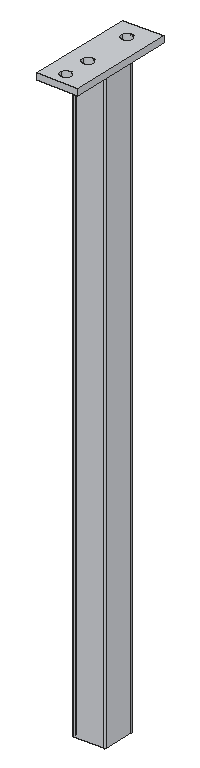
Revit family "MP525", category Generic Models, Revit 2017
Family settings
  Can host rebar = No
  Round Connector Dimension = Use Diameter
  Part Type = Normal
  Work Plane-Based = Yes
  Always vertical = No
  Cut with Voids When Loaded = No
  Shared = No
  Room Calculation Point = No
Parameters (values of type "NBS Standard Parameters")
  Weight = "2.475Kg"
  WarrantyStartDate [instance] = "1900-12-31T23:59:59"
  WarrantyGuarantorParts = "n/a"
  WarrantyGuarantorLabor = "n/a"
  WarrantyDurationUnit = "1 year"
  WarrantyDurationParts = "n/a"
  WarrantyDurationLabor = "n/a"
  WarrantyDescription = "n/a"
  Version = "1"
  Uniclass2 = "Pr_65_70_11_19"
  TagNumber [instance] = "n/a"
  SustainabilityPerformance = "n/a"
  Size = "750mm"
  Shape = "n/a"
  SerialNumber [instance] = "n/a"
  Revision = "n/a"
  ReplacementCost = "n/a"
  ProductInformation = "www.metpro.co.uk/pdf/mp525.pdf"
  NominalWidth = 49.5 mm
  NominalLength = 750 mm
  NominalHeight = 130 mm
  Name = ""
  NBSTypeID = ""
  NBSReference = "90-55-10/305"
  NBSOfficeMasterTag = ""
  NBSNote = ""
  NBSDescription = "Channel Cable Supports"
  NBSCertification = ""
  ModelReference = "MP525"
  ModelNumber = "n/a"
  Material = "Steel"
  ManufacturerURL = "www.metpro.co.uk"
  ManufacturerName = "Metpro Ltd"
  Keynote = "Compliant to LU Standard 1-085"
  InstallationDate [instance] = "1900-12-31T23:59:59"
  IfcExportType = ""
  IfcExportAs = ""
  Grade = "n/a"
  Finish = "Hot Dipped Galvanised"
  Features = "n/a"
  ExpectedLife = "n/a"
  DurationUnit = "year"
  Description = "Mp525  750mm Channel Cantilever Arm - 2 hole base plate"
  Default Elevation = 1219.2 mm
  Constituents = "n/a"
  Color = "n/a"
  CodePerformance = "n/a"
  Category = "n/a"
  BarCode [instance] = "n/a"
  BIMObjectName = "metpro_metprolibrary_channelcablesupports_cantileverarm_2holeplate"
  Author = "Metpro Ltd"
  AssetType = ""
  AssetIdentifier [instance] = "n/a"
  AccessibilityPerformance = "n/a"
Reference planes
  plane 1 "Center (Front/Back)": y = 0
  plane 2: z = 0
  plane 3 "Center (Left/Right)": x = 0
Forms (mm)
  Extrusion 1, solid
    sketch origin (27.148, 50.337, 0) x (1, 0, 0) y (0, 1, 0)
      loop
        line (-19.975, 37.037) -> (-15.975, 37.037) -> (-15.975, 31.537) -> (-13.475, 31.537) -> (-13.475, 38.244)
        arc (-13.475, 38.244) -> (-13.854, 39.158) -> (-14.769, 39.537) r 1.293
        line (-14.769, 39.537) -> (-20.452, 39.537)
        arc (-20.452, 39.537) -> (-21.883, 38.944) -> (-22.475, 37.514) r 2.023
        line (-22.475, 37.514) -> (-22.475, 0.077)
        arc (-22.475, 0.077) -> (-21.732, -1.719) -> (-19.936, -2.463) r 2.54
        line (-19.936, -2.463) -> (16.996, -2.463)
        arc (16.996, -2.463) -> (18.784, -1.722) -> (19.525, 0.066) r 2.529
        line (19.525, 0.066) -> (19.525, 37.555)
        arc (19.525, 37.555) -> (18.944, 38.957) -> (17.543, 39.537) r 1.982
        line (17.543, 39.537) -> (10.861, 39.537)
        arc (10.861, 39.537) -> (9.922, 39.148) -> (9.533, 38.209) r 1.328
        line (9.533, 38.209) -> (9.533, 31.537) -> (12.033, 31.537) -> (12.033, 37.037) -> (17.025, 37.037) -> (17.025, 2.321)
        arc (17.025, 2.321) -> (16.356, 0.706) -> (14.741, 0.037) r 2.284
        line (14.741, 0.037) -> (-17.616, 0.037)
        arc (-17.616, 0.037) -> (-19.284, 0.728) -> (-19.975, 2.396) r 2.359
        line (-19.975, 2.396) -> (-19.975, 37.037)
    from 0 to 750
  Extrusion 2, solid
    sketch origin (27.148, 50.337, 750) x (1, 0, 0) y (0, 1, 0)
      loop
        line (22.852, 83.718) -> (-27.148, 83.718) -> (-27.148, -50.337) -> (22.852, -50.337) -> (22.852, 83.718)
      loop
        circle (-3.574, -34.911) r 7
      loop
        circle (-3.167, -1.096) r 7
      loop
        circle (-3.167, 59.607) r 7
    from 0 to 8
Dimensions and locks
  aligned and locked: level to plane 2
